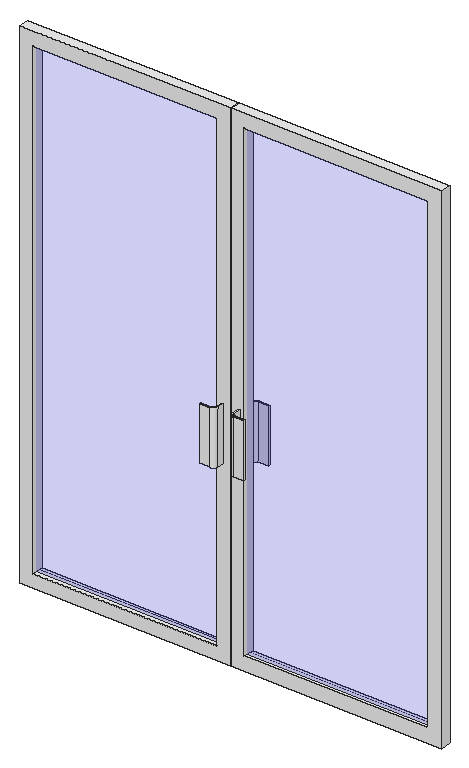
Revit family "M_Porta-Parede-Cortina-Frente de loja-Dupla", category Portas, Revit 2019
Family settings
  Número OmniClass = 23.30.10.00
  Título OmniClass = Doors
  Sempre na vertical = Sim
  Corte com vazios quando carregada = Não
  Compartilhado = Não
  Ponto de cálculo do ambiente = Não
Parameters
  Largura [instance] = 1800 mm
  Visual Light Transmittance = 0
  Resistência térmica (R) = 0.242926 (m²·K)/W
  Ângulo de abertura [instance] = 90.00°
  Solar Heat Gain Coefficient = 0
  Largura do painel [instance] = 1 / 2 * Largura  # 900 mm
  Deslocamento = 60 mm
  Material da moldura = Alumín. 1
  ID do tipo de construção = "opn-d46"
  Material da maçaneta = Alumín. 1
  Coeficiente de transferência de calor (U) = 4.11674 W/(m²·K)
  Vidraça = Vidro
  Função = Exterior
  Código de montagem = "B2030100"
  Construção analítica = "Moldura de metal, porta de vidro duplo"
Reference planes
  plane 1 "Centro (Frente/Trás)": y = 0
  plane 2: z = 0
  plane 3 "Centro (Esquerda/Direita)": x = 0.023
  plane 4 "Esquerda": x = -899.977
  plane 5 "Direita": x = 900.023
  plane 6 "Superior": z = 2133.6
  plane 7: y = 15.55
  plane 8: y = 60
  plane 9: z = 990.6
  plane 10: z = 762
  plane 11 "Vidro": y = 37.775
Forms (mm)
  Extrusion 1, solid, material "Alumín. 1" <- "Material da moldura"
    sketch origin (0, 0, 0) x (1, 0, 0) y (0, 0, 1)
      loop
        line (900.023, 2133.6) -> (0.817, 2133.6) -> (0.817, 0) -> (900.023, 0) -> (900.023, 2133.6)
      loop
        line (-899.977, 2133.6) -> (-899.977, 0) -> (-0.771, 0) -> (-0.771, 2133.6) -> (-899.977, 2133.6)
      loop
        line (842.873, 2076.45) -> (57.967, 2076.45) -> (57.967, 57.15) -> (842.873, 57.15) -> (842.873, 2076.45)
      loop
        line (-57.921, 2076.45) -> (-842.827, 2076.45) -> (-842.827, 57.15) -> (-57.921, 57.15) -> (-57.921, 2076.45)
    from -60 to -15.55
  Extrusion 2, solid, material "Vidro" <- "Vidraça"
    sketch origin (0, 0, 0) x (1, 0, 0) y (0, 0, 1)
      loop
        line (842.873, 2076.45) -> (57.967, 2076.45) -> (57.967, 57.15) -> (842.873, 57.15) -> (842.873, 2076.45)
      loop
        line (-57.921, 2076.45) -> (-842.827, 2076.45) -> (-842.827, 57.15) -> (-57.921, 57.15) -> (-57.921, 2076.45)
    from -47.3 to -28.25
  Extrusion 3, solid, material "Alumín. 1" <- "Material da maçaneta", detail levels fine
    sketch origin (-82.5, 0, 0) x (1, 0, 0) y (0, 1, 0)
      loop
        line (50.773, 60) -> (50.773, 85.4)
        arc (50.773, 85.4) -> (45.193, 98.87) -> (31.723, 104.45) r 19.05
        line (31.723, 104.45) -> (-12.727, 104.45) -> (-12.727, 98.1) -> (31.723, 98.1)
        arc (31.723, 98.1) -> (40.703, 94.38) -> (44.423, 85.4) r 12.7
        line (44.423, 85.4) -> (44.423, 60) -> (50.773, 60)
      loop
        line (114.273, 60) -> (120.623, 60) -> (120.623, 85.4)
        arc (120.623, 85.4) -> (124.343, 94.38) -> (133.323, 98.1) r 12.7
        line (133.323, 98.1) -> (177.773, 98.1) -> (177.773, 104.45) -> (133.323, 104.45)
        arc (133.323, 104.45) -> (119.853, 98.87) -> (114.273, 85.4) r 19.05
        line (114.273, 85.4) -> (114.273, 60)
    from 762 to 990.6
  Extrusion 4, solid, material "Alumín. 1" <- "Material da maçaneta", detail levels fine
    sketch origin (-82.5, 0, 0) x (1, 0, 0) y (0, 1, 0)
      loop
        line (50.773, 15.55) -> (44.423, 15.55) -> (44.423, -12.7)
        arc (44.423, -12.7) -> (40.703, -21.68) -> (31.723, -25.4) r 12.7
        line (31.723, -25.4) -> (-12.727, -25.4) -> (-12.727, -31.75) -> (31.723, -31.75)
        arc (31.723, -31.75) -> (45.193, -26.17) -> (50.773, -12.7) r 19.05
        line (50.773, -12.7) -> (50.773, 15.55)
      loop
        line (114.273, 15.55) -> (114.273, -12.7)
        arc (114.273, -12.7) -> (119.853, -26.17) -> (133.323, -31.75) r 19.05
        line (133.323, -31.75) -> (177.773, -31.75) -> (177.773, -25.4) -> (133.323, -25.4)
        arc (133.323, -25.4) -> (124.343, -21.68) -> (120.623, -12.7) r 12.7
        line (120.623, -12.7) -> (120.623, 15.55) -> (114.273, 15.55)
    from 762 to 990.6
Lines and regions (mm)
  symbolic lines, style "Giro da elevação"
    curve 1: line (0.817, 0, 2133.6) -> (900.023, 0, 1066.8)
    curve 2: line (900.023, 0, 1066.8) -> (0.817, 0, 0)
    curve 3: line (0.817, 0, 0) -> (-899.977, 0, 1066.8)
    curve 4: line (-899.977, 0, 1066.8) -> (0.817, 0, 2133.6)
  model lines, style "DoorsGlassProjection"
    curve 5: line (842.873, 37.775, 2076.45) -> (842.873, 37.775, 57.15)
    curve 6: line (57.967, 37.775, 2076.45) -> (57.967, 37.775, 57.15)
    curve 7: line (-57.921, 37.775, 2076.45) -> (-57.921, 37.775, 57.15)
    curve 8: line (-842.827, 37.775, 2076.45) -> (-842.827, 37.775, 57.15)
Text (mm)
  text "Exterior" at (-1504.924, 797.241, 0), in view "Nível de referência"
Dimensions and locks
  equal spacing: plane 4 "Esquerda", plane 3 "Centro (Esquerda/Direita)", plane 5 "Direita"
  locked: Extrusion 1 sketch curve to plane 5 "Direita" at 57.15
  locked: plane 2 to Extrusion 1 sketch curve at 57.15  (x2)
  locked: Extrusion 1 sketch curve to plane 6 "Superior" at 57.15  (x2)
  locked: plane 4 "Esquerda" to Extrusion 1 sketch curve at 57.15
  locked: Extrusion 1 sketch curve to Extrusion 1 sketch curve at 57.15  (x2)
  locked: plane 2 to plane 9 at 990.6
  locked: plane 10 to plane 9 at 228.6
  Extrusion 1 sketch curve to plane 3 "Centro (Esquerda/Direita)" to Extrusion 1 sketch curve = 0.794 mm locked, 0.794 mm locked
  locked: plane 7 to plane 8 at 44.45
  locked: Extrusion 2 to plane 8 at 12.7
  locked: plane 7 to Extrusion 2 at 12.7
  equal spacing: plane 2, curve 4, plane 6 "Superior"
  equal spacing: plane 2, curve 2, plane 6 "Superior"
  plane 4 "Esquerda" to plane 3 "Centro (Esquerda/Direita)" = 900 mm
  "Largura": plane 4 "Esquerda" to plane 5 "Direita"
  plane 8 to plane 7 = 44.45 mm
  "Deslocamento": plane 1 "Centro (Frente/Trás)" to plane 8
  equal spacing: plane 7, plane 11 "Vidro", plane 8
  aligned and locked: Extrusion 1 to plane 8
  aligned and locked: plane 7 to Extrusion 1
  aligned and locked: plane 8 to Extrusion 3 sketch curve
  aligned and locked: Extrusion 3 sketch curve to plane 8
  aligned and locked: plane 7 to Extrusion 4 sketch curve
  aligned and locked: Extrusion 4 sketch curve to plane 7
  aligned and locked: Extrusion 3 to plane 9
  aligned and locked: plane 10 to Extrusion 3
  aligned and locked: Extrusion 4 to plane 9
  aligned and locked: plane 10 to Extrusion 4
  aligned and locked: plane 7 to nested 1
  aligned and locked: nested 1 to plane 5 "Direita"
  aligned and locked: nested 1 to plane 7
  aligned and locked: nested 1 to plane 3 "Centro (Esquerda/Direita)"
  aligned and locked: nested 2 to plane 7
  aligned and locked: nested 2 to plane 4 "Esquerda"
  aligned and locked: nested 2 to plane 3 "Centro (Esquerda/Direita)"
  aligned and locked: Extrusion 2 to curve 5
  aligned and locked: curve 6 to Extrusion 2  (x2)
  aligned and locked: Extrusion 2 to curve 7
  aligned and locked: curve 8 to Extrusion 2  (x2)
  aligned and locked: curve 5 to Extrusion 2  (x2)
  aligned and locked: Extrusion 2 to curve 6
  aligned and locked: curve 7 to Extrusion 2  (x2)
  aligned and locked: Extrusion 2 to curve 8
Automatic sketch dimensions
  Extrusion 1 sketch curve to level = 0 mm  (x2)
  Extrusion 1 sketch curve to plane 4 "Esquerda" = 0 mm
  Extrusion 1 sketch curve to plane 5 "Direita" = 0 mm
  Extrusion 1 sketch curve to plane 6 "Superior" = 0 mm  (x2)
  Extrusion 2 sketch curve to plane 4 "Esquerda" = 57.15 mm
  Extrusion 2 sketch curve to plane 3 "Centro (Esquerda/Direita)" = 57.944 mm
  plane 3 "Centro (Esquerda/Direita)" to Extrusion 2 sketch curve = 57.944 mm
  plane 5 "Direita" to Extrusion 2 sketch curve = 57.15 mm
  level to Extrusion 2 sketch curve = 57.15 mm  (x2)
  plane 6 "Superior" to Extrusion 2 sketch curve = 57.15 mm  (x2)
  curve 1 to plane 6 "Superior" = 0 mm
  curve 3 to plane 4 "Esquerda" = 0 mm
  curve 2 to plane 5 "Direita" = 0 mm
  curve 3 to level = 0 mm
  plane 3 "Centro (Esquerda/Direita)" to curve 2 = 0.794 mm
  plane 3 "Centro (Esquerda/Direita)" to curve 4 = 0.794 mm
  Extrusion 4 sketch curve to Extrusion 4 sketch curve = 0 mm  (x4)
  plane 1 "Centro (Frente/Trás)" to Extrusion 4 sketch curve = 25.4 mm
  Extrusion 4 sketch curve to plane 3 "Centro (Esquerda/Direita)" = 95.25 mm
  Extrusion 4 sketch curve to Extrusion 4 sketch curve = 44.45 mm  (x2)
  Extrusion 4 sketch curve to Extrusion 4 sketch curve = 12.7 mm  (x2)
  Extrusion 4 sketch curve to Extrusion 4 sketch curve = 6.35 mm  (x2)
  plane 3 "Centro (Esquerda/Direita)" to Extrusion 4 sketch curve = 31.75 mm
  plane 1 "Centro (Frente/Trás)" to Extrusion 4 sketch curve = 31.75 mm
  Extrusion 3 sketch curve to Extrusion 3 sketch curve = 0 mm  (x4)
  Extrusion 3 sketch curve to plane 8 = 38.1 mm
  Extrusion 3 sketch curve to plane 3 "Centro (Esquerda/Direita)" = 95.25 mm
  Extrusion 3 sketch curve to Extrusion 3 sketch curve = 44.45 mm  (x2)
  Extrusion 3 sketch curve to Extrusion 3 sketch curve = 12.7 mm  (x2)
  Extrusion 3 sketch curve to Extrusion 3 sketch curve = 6.35 mm  (x2)
  plane 3 "Centro (Esquerda/Direita)" to Extrusion 3 sketch curve = 31.75 mm
  Extrusion 3 sketch curve to plane 8 = 25.4 mm
Nested families
  nested 1: "Porta de parede cortina abertura única" at (900.023, 15.55, 0), Ângulo de abertura <- "Ângulo de abertura", type "Único"
    with Abertura visível yes, Ângulo de abertura 90.00°, Ângulo real 90.00°
  nested 2: "Porta de parede cortina abertura única" at (-899.977, 15.55, 0) x (-1, 0, 0) z (0, 0, 1), Ângulo de abertura <- "Ângulo de abertura", type "Único"
    with Abertura visível yes, Ângulo de abertura 90.00°, Ângulo real 90.00°
Definition of nested family "Porta de parede cortina abertura única"
  Parameters (values of type "Único")
    Width = 900 mm
    Thickness = 0 mm
    Abertura visível [instance] = Ângulo de abertura > 1.00°  # yes
    Ângulo de abertura [instance] = 45.00°
    Assembly Code = ""
    Analytic Construction = "<Nenhum>"
    Ângulo real [instance] = if(Ângulo de abertura < 1.00°, 1.00°, Ângulo de abertura)  # 45.00°
  Reference planes
    plane 1 "Centro (Frente/Trás)": y = 0
    plane 2: z = 0
    plane 3 "Centro (Esquerda/Direita)": x = 0
    plane 4: x = -900
  Lines and regions (mm)
    symbolic lines
      curve 1: line (0, 0, 0) -> (-900, 0, 0)
      curve 5: line (0, 0, 0) -> (-636.396, 636.396, 0)
    symbolic lines, visible <- "Abertura visível"
      curve 2: arc (-900, 0, 0) -> (-831.492, 344.415, 0) -> (-636.396, 636.396, 0) r 900
    reference lines
      curve 3: line (0, 0, 0) -> (-636.396, 636.396, 0)
    model lines
      curve 4: line (0, 0, 0) -> (0, 0, 25.4)
  Dimensions and locks
    "Width": plane 4 to plane 3 "Centro (Esquerda/Direita)"
    locked: curve 2 to plane 3 "Centro (Esquerda/Direita)"
    locked: curve 2 to plane 1 "Centro (Frente/Trás)"
    "Width": curve 3 to curve 3
    locked: curve 4 to plane 2 at 25.4
    "Width": radius of curve 2
    "Ângulo real": angle curve 2 to curve 2
    "Ângulo de abertura": angle curve 3 to plane 1 "Centro (Frente/Trás)"
    aligned and locked: plane 3 "Centro (Esquerda/Direita)" to curve 1
    aligned and locked: plane 3 "Centro (Esquerda/Direita)" to curve 3
    aligned and locked: plane 1 "Centro (Frente/Trás)" to curve 3
    aligned and locked: plane 3 "Centro (Esquerda/Direita)" to curve 4
    aligned and locked: plane 2 to curve 4
    aligned and locked: curve 5 to curve 3
